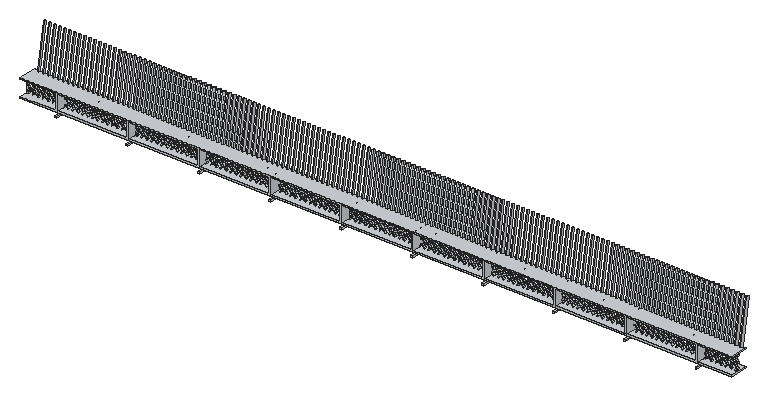
Revit family "Nedsale_venti panlat_Generic Model_2017", category Generic Models, Revit 2017 (continued)
Automatic sketch dimensions
  Extrusion 31 sketch curve to Extrusion 31 sketch curve = 2.91 mm  (x2)
  Extrusion 31 sketch curve to Extrusion 31 sketch curve = 3.464 mm  (x10)
  Extrusion 31 sketch curve to Extrusion 31 sketch curve = 0.554 mm  (x7)
  Extrusion 31 sketch curve to Extrusion 31 sketch curve = 1.108 mm  (x3)
  Extrusion 32 sketch curve to Extrusion 32 sketch curve = 0 mm  (x11)
  Extrusion 32 sketch curve to Extrusion 32 sketch curve = 4 mm  (x7)
  Extrusion 32 sketch curve to Extrusion 32 sketch curve = 0.959 mm  (x7)
  Extrusion 32 sketch curve to Extrusion 32 sketch curve = 1.279 mm  (x2)
  Extrusion 32 sketch curve to Extrusion 32 sketch curve = 0.721 mm  (x2)
  Extrusion 32 sketch curve to Extrusion 32 sketch curve = 2 mm  (x7)
  Extrusion 32 sketch curve to Extrusion 32 sketch curve = 1.68 mm  (x2)
  Extrusion 32 sketch curve to Extrusion 32 sketch curve = 2.91 mm  (x2)
  Extrusion 32 sketch curve to Extrusion 32 sketch curve = 3.464 mm  (x10)
  Extrusion 32 sketch curve to Extrusion 32 sketch curve = 0.554 mm  (x7)
  Extrusion 32 sketch curve to Extrusion 32 sketch curve = 1.108 mm  (x3)
  Extrusion 33 sketch curve to Extrusion 33 sketch curve = 0 mm  (x11)
  Extrusion 33 sketch curve to Extrusion 33 sketch curve = 4 mm  (x7)
  Extrusion 33 sketch curve to Extrusion 33 sketch curve = 0.959 mm  (x7)
  Extrusion 33 sketch curve to Extrusion 33 sketch curve = 1.279 mm  (x2)
  Extrusion 33 sketch curve to Extrusion 33 sketch curve = 0.721 mm  (x2)
  Extrusion 33 sketch curve to Extrusion 33 sketch curve = 2 mm  (x7)
  Extrusion 33 sketch curve to Extrusion 33 sketch curve = 1.68 mm  (x2)
  Extrusion 33 sketch curve to Extrusion 33 sketch curve = 2.91 mm  (x2)
  Extrusion 33 sketch curve to Extrusion 33 sketch curve = 3.464 mm  (x10)
  Extrusion 33 sketch curve to Extrusion 33 sketch curve = 0.554 mm  (x7)
  Extrusion 33 sketch curve to Extrusion 33 sketch curve = 1.108 mm  (x3)
  Extrusion 34 sketch curve to Extrusion 34 sketch curve = 0 mm  (x11)
  Extrusion 34 sketch curve to Extrusion 34 sketch curve = 4 mm  (x7)
  Extrusion 34 sketch curve to Extrusion 34 sketch curve = 0.959 mm  (x7)
  Extrusion 34 sketch curve to Extrusion 34 sketch curve = 1.279 mm  (x2)
  Extrusion 34 sketch curve to Extrusion 34 sketch curve = 0.721 mm  (x2)
  Extrusion 34 sketch curve to Extrusion 34 sketch curve = 2 mm  (x7)
  Extrusion 34 sketch curve to Extrusion 34 sketch curve = 1.68 mm  (x2)
  Extrusion 34 sketch curve to Extrusion 34 sketch curve = 2.91 mm  (x2)
  Extrusion 34 sketch curve to Extrusion 34 sketch curve = 3.464 mm  (x10)
  Extrusion 34 sketch curve to Extrusion 34 sketch curve = 0.554 mm  (x7)
  Extrusion 34 sketch curve to Extrusion 34 sketch curve = 1.108 mm  (x3)
  Extrusion 35 sketch curve to Extrusion 35 sketch curve = 0 mm  (x11)
  Extrusion 35 sketch curve to Extrusion 35 sketch curve = 4 mm  (x7)
  Extrusion 35 sketch curve to Extrusion 35 sketch curve = 0.959 mm  (x7)
  Extrusion 35 sketch curve to Extrusion 35 sketch curve = 1.279 mm  (x2)
  Extrusion 35 sketch curve to Extrusion 35 sketch curve = 0.721 mm  (x2)
  Extrusion 35 sketch curve to Extrusion 35 sketch curve = 2 mm  (x7)
  Extrusion 35 sketch curve to Extrusion 35 sketch curve = 1.68 mm  (x2)
  Extrusion 35 sketch curve to Extrusion 35 sketch curve = 2.91 mm  (x2)
  Extrusion 35 sketch curve to Extrusion 35 sketch curve = 3.464 mm  (x10)
  Extrusion 35 sketch curve to Extrusion 35 sketch curve = 0.554 mm  (x7)
  Extrusion 35 sketch curve to Extrusion 35 sketch curve = 1.108 mm  (x3)
  Extrusion 36 sketch curve to Extrusion 36 sketch curve = 0 mm  (x11)
  Extrusion 36 sketch curve to Extrusion 36 sketch curve = 4 mm  (x7)
  Extrusion 36 sketch curve to Extrusion 36 sketch curve = 0.959 mm  (x7)
  Extrusion 36 sketch curve to Extrusion 36 sketch curve = 1.279 mm  (x2)
  Extrusion 36 sketch curve to Extrusion 36 sketch curve = 0.721 mm  (x2)
  Extrusion 36 sketch curve to Extrusion 36 sketch curve = 2 mm  (x7)
  Extrusion 36 sketch curve to Extrusion 36 sketch curve = 1.68 mm  (x2)
  Extrusion 36 sketch curve to Extrusion 36 sketch curve = 2.91 mm  (x2)
  Extrusion 36 sketch curve to Extrusion 36 sketch curve = 3.464 mm  (x10)
  Extrusion 36 sketch curve to Extrusion 36 sketch curve = 0.554 mm  (x7)
  Extrusion 36 sketch curve to Extrusion 36 sketch curve = 1.108 mm  (x3)
  Extrusion 37 sketch curve to Extrusion 37 sketch curve = 0 mm  (x11)
  Extrusion 37 sketch curve to Extrusion 37 sketch curve = 4 mm  (x7)
  Extrusion 37 sketch curve to Extrusion 37 sketch curve = 0.959 mm  (x7)
  Extrusion 37 sketch curve to Extrusion 37 sketch curve = 1.279 mm  (x2)
  Extrusion 37 sketch curve to Extrusion 37 sketch curve = 0.721 mm  (x2)
  Extrusion 37 sketch curve to Extrusion 37 sketch curve = 2 mm  (x7)
  Extrusion 37 sketch curve to Extrusion 37 sketch curve = 1.68 mm  (x2)
  Extrusion 37 sketch curve to Extrusion 37 sketch curve = 2.91 mm  (x2)
  Extrusion 37 sketch curve to Extrusion 37 sketch curve = 3.464 mm  (x10)
  Extrusion 37 sketch curve to Extrusion 37 sketch curve = 0.554 mm  (x7)
  Extrusion 37 sketch curve to Extrusion 37 sketch curve = 1.108 mm  (x3)
  Extrusion 38 sketch curve to Extrusion 38 sketch curve = 0 mm  (x11)
  Extrusion 38 sketch curve to Extrusion 38 sketch curve = 4 mm  (x7)
  Extrusion 38 sketch curve to Extrusion 38 sketch curve = 0.959 mm  (x7)
  Extrusion 38 sketch curve to Extrusion 38 sketch curve = 1.279 mm  (x2)
  Extrusion 38 sketch curve to Extrusion 38 sketch curve = 0.721 mm  (x2)
  Extrusion 38 sketch curve to Extrusion 38 sketch curve = 2 mm  (x7)
  Extrusion 38 sketch curve to Extrusion 38 sketch curve = 1.68 mm  (x2)
  Extrusion 38 sketch curve to Extrusion 38 sketch curve = 2.91 mm  (x2)
  Extrusion 38 sketch curve to Extrusion 38 sketch curve = 3.464 mm  (x10)
  Extrusion 38 sketch curve to Extrusion 38 sketch curve = 0.554 mm  (x7)
  Extrusion 38 sketch curve to Extrusion 38 sketch curve = 1.108 mm  (x3)
  Extrusion 39 sketch curve to Extrusion 39 sketch curve = 0 mm  (x11)
  Extrusion 39 sketch curve to Extrusion 39 sketch curve = 4 mm  (x7)
  Extrusion 39 sketch curve to Extrusion 39 sketch curve = 0.959 mm  (x7)
  Extrusion 39 sketch curve to Extrusion 39 sketch curve = 1.279 mm  (x2)
  Extrusion 39 sketch curve to Extrusion 39 sketch curve = 0.721 mm  (x2)
  Extrusion 39 sketch curve to Extrusion 39 sketch curve = 2 mm  (x7)
  Extrusion 39 sketch curve to Extrusion 39 sketch curve = 1.68 mm  (x2)
  Extrusion 39 sketch curve to Extrusion 39 sketch curve = 2.91 mm  (x2)
  Extrusion 39 sketch curve to Extrusion 39 sketch curve = 3.464 mm  (x10)
  Extrusion 39 sketch curve to Extrusion 39 sketch curve = 0.554 mm  (x7)
  Extrusion 39 sketch curve to Extrusion 39 sketch curve = 1.108 mm  (x3)
  Extrusion 40 sketch curve to Extrusion 40 sketch curve = 0 mm  (x11)
  Extrusion 40 sketch curve to Extrusion 40 sketch curve = 4 mm  (x7)
  Extrusion 40 sketch curve to Extrusion 40 sketch curve = 0.959 mm  (x7)
  Extrusion 40 sketch curve to Extrusion 40 sketch curve = 1.279 mm  (x2)
  Extrusion 40 sketch curve to Extrusion 40 sketch curve = 0.721 mm  (x2)
  Extrusion 40 sketch curve to Extrusion 40 sketch curve = 2 mm  (x7)
  Extrusion 40 sketch curve to Extrusion 40 sketch curve = 1.68 mm  (x2)
  Extrusion 40 sketch curve to Extrusion 40 sketch curve = 2.91 mm  (x2)
  Extrusion 40 sketch curve to Extrusion 40 sketch curve = 3.464 mm  (x10)
  Extrusion 40 sketch curve to Extrusion 40 sketch curve = 0.554 mm  (x7)
  Extrusion 40 sketch curve to Extrusion 40 sketch curve = 1.108 mm  (x3)
  Extrusion 41 sketch curve to Extrusion 41 sketch curve = 0 mm  (x11)
  Extrusion 41 sketch curve to Extrusion 41 sketch curve = 4 mm  (x7)
  Extrusion 41 sketch curve to Extrusion 41 sketch curve = 0.959 mm  (x7)
  Extrusion 41 sketch curve to Extrusion 41 sketch curve = 1.279 mm  (x2)
  Extrusion 41 sketch curve to Extrusion 41 sketch curve = 0.721 mm  (x2)
  Extrusion 41 sketch curve to Extrusion 41 sketch curve = 2 mm  (x7)
  Extrusion 41 sketch curve to Extrusion 41 sketch curve = 1.68 mm  (x2)
  Extrusion 41 sketch curve to Extrusion 41 sketch curve = 2.91 mm  (x2)
  Extrusion 41 sketch curve to Extrusion 41 sketch curve = 3.464 mm  (x10)
  Extrusion 41 sketch curve to Extrusion 41 sketch curve = 0.554 mm  (x7)
  Extrusion 41 sketch curve to Extrusion 41 sketch curve = 1.108 mm  (x3)
  Extrusion 42 sketch curve to Extrusion 42 sketch curve = 0 mm  (x11)
  Extrusion 42 sketch curve to Extrusion 42 sketch curve = 4 mm  (x7)
  Extrusion 42 sketch curve to Extrusion 42 sketch curve = 0.959 mm  (x7)
  Extrusion 42 sketch curve to Extrusion 42 sketch curve = 1.279 mm  (x2)
  Extrusion 42 sketch curve to Extrusion 42 sketch curve = 0.721 mm  (x2)
  Extrusion 42 sketch curve to Extrusion 42 sketch curve = 2 mm  (x7)
  Extrusion 42 sketch curve to Extrusion 42 sketch curve = 1.68 mm  (x2)
  Extrusion 42 sketch curve to Extrusion 42 sketch curve = 2.91 mm  (x2)
  Extrusion 42 sketch curve to Extrusion 42 sketch curve = 3.464 mm  (x10)
  Extrusion 42 sketch curve to Extrusion 42 sketch curve = 0.554 mm  (x7)
  Extrusion 42 sketch curve to Extrusion 42 sketch curve = 1.108 mm  (x3)
  Extrusion 43 sketch curve to Extrusion 43 sketch curve = 0 mm  (x11)
  Extrusion 43 sketch curve to Extrusion 43 sketch curve = 4 mm  (x7)
  Extrusion 43 sketch curve to Extrusion 43 sketch curve = 0.959 mm  (x7)
  Extrusion 43 sketch curve to Extrusion 43 sketch curve = 1.279 mm  (x2)
  Extrusion 43 sketch curve to Extrusion 43 sketch curve = 0.721 mm  (x2)
  Extrusion 43 sketch curve to Extrusion 43 sketch curve = 2 mm  (x7)
  Extrusion 43 sketch curve to Extrusion 43 sketch curve = 1.68 mm  (x2)
  Extrusion 43 sketch curve to Extrusion 43 sketch curve = 2.91 mm  (x2)
  Extrusion 43 sketch curve to Extrusion 43 sketch curve = 3.464 mm  (x10)
  Extrusion 43 sketch curve to Extrusion 43 sketch curve = 0.554 mm  (x7)
  Extrusion 43 sketch curve to Extrusion 43 sketch curve = 1.108 mm  (x3)
  Extrusion 44 sketch curve to Extrusion 44 sketch curve = 0 mm  (x11)
  Extrusion 44 sketch curve to Extrusion 44 sketch curve = 4 mm  (x7)
  Extrusion 44 sketch curve to Extrusion 44 sketch curve = 0.959 mm  (x7)
  Extrusion 44 sketch curve to Extrusion 44 sketch curve = 1.279 mm  (x2)
  Extrusion 44 sketch curve to Extrusion 44 sketch curve = 0.721 mm  (x2)
  Extrusion 44 sketch curve to Extrusion 44 sketch curve = 2 mm  (x7)
  Extrusion 44 sketch curve to Extrusion 44 sketch curve = 1.68 mm  (x2)
  Extrusion 44 sketch curve to Extrusion 44 sketch curve = 2.91 mm  (x2)
  Extrusion 44 sketch curve to Extrusion 44 sketch curve = 3.464 mm  (x10)
  Extrusion 44 sketch curve to Extrusion 44 sketch curve = 0.554 mm  (x7)
  Extrusion 44 sketch curve to Extrusion 44 sketch curve = 1.108 mm  (x3)
  Extrusion 45 sketch curve to Extrusion 45 sketch curve = 0 mm  (x11)
  Extrusion 45 sketch curve to Extrusion 45 sketch curve = 4 mm  (x7)
  Extrusion 45 sketch curve to Extrusion 45 sketch curve = 0.959 mm  (x7)
  Extrusion 45 sketch curve to Extrusion 45 sketch curve = 1.279 mm  (x2)
  Extrusion 45 sketch curve to Extrusion 45 sketch curve = 0.721 mm  (x2)
  Extrusion 45 sketch curve to Extrusion 45 sketch curve = 2 mm  (x7)
  Extrusion 45 sketch curve to Extrusion 45 sketch curve = 1.68 mm  (x2)
  Extrusion 45 sketch curve to Extrusion 45 sketch curve = 2.91 mm  (x2)
  Extrusion 45 sketch curve to Extrusion 45 sketch curve = 3.464 mm  (x10)
  Extrusion 45 sketch curve to Extrusion 45 sketch curve = 0.554 mm  (x7)
  Extrusion 45 sketch curve to Extrusion 45 sketch curve = 1.108 mm  (x3)
  Extrusion 46 sketch curve to Extrusion 46 sketch curve = 0 mm  (x11)
  Extrusion 46 sketch curve to Extrusion 46 sketch curve = 4 mm  (x7)
  Extrusion 46 sketch curve to Extrusion 46 sketch curve = 0.959 mm  (x7)
  Extrusion 46 sketch curve to Extrusion 46 sketch curve = 1.279 mm  (x2)
  Extrusion 46 sketch curve to Extrusion 46 sketch curve = 0.721 mm  (x2)
  Extrusion 46 sketch curve to Extrusion 46 sketch curve = 2 mm  (x7)
  Extrusion 46 sketch curve to Extrusion 46 sketch curve = 1.68 mm  (x2)
  Extrusion 46 sketch curve to Extrusion 46 sketch curve = 2.91 mm  (x2)
  Extrusion 46 sketch curve to Extrusion 46 sketch curve = 3.464 mm  (x10)
  Extrusion 46 sketch curve to Extrusion 46 sketch curve = 0.554 mm  (x7)
  Extrusion 46 sketch curve to Extrusion 46 sketch curve = 1.108 mm  (x3)
  Extrusion 47 sketch curve to Extrusion 47 sketch curve = 0 mm  (x11)
  Extrusion 47 sketch curve to Extrusion 47 sketch curve = 4 mm  (x7)
  Extrusion 47 sketch curve to Extrusion 47 sketch curve = 0.959 mm  (x7)
  Extrusion 47 sketch curve to Extrusion 47 sketch curve = 1.279 mm  (x2)
  Extrusion 47 sketch curve to Extrusion 47 sketch curve = 0.721 mm  (x2)
  Extrusion 47 sketch curve to Extrusion 47 sketch curve = 2 mm  (x7)
  Extrusion 47 sketch curve to Extrusion 47 sketch curve = 1.68 mm  (x2)
  Extrusion 47 sketch curve to Extrusion 47 sketch curve = 2.91 mm  (x2)
  Extrusion 47 sketch curve to Extrusion 47 sketch curve = 3.464 mm  (x10)
  Extrusion 47 sketch curve to Extrusion 47 sketch curve = 0.554 mm  (x7)
  Extrusion 47 sketch curve to Extrusion 47 sketch curve = 1.108 mm  (x3)
  Extrusion 48 sketch curve to Extrusion 48 sketch curve = 0 mm  (x11)
  Extrusion 48 sketch curve to Extrusion 48 sketch curve = 4 mm  (x7)
  Extrusion 48 sketch curve to Extrusion 48 sketch curve = 0.959 mm  (x7)
  Extrusion 48 sketch curve to Extrusion 48 sketch curve = 1.279 mm  (x2)
  Extrusion 48 sketch curve to Extrusion 48 sketch curve = 0.721 mm  (x2)
  Extrusion 48 sketch curve to Extrusion 48 sketch curve = 2 mm  (x7)
  Extrusion 48 sketch curve to Extrusion 48 sketch curve = 1.68 mm  (x2)
  Extrusion 48 sketch curve to Extrusion 48 sketch curve = 2.91 mm  (x2)
  Extrusion 48 sketch curve to Extrusion 48 sketch curve = 3.464 mm  (x10)
  Extrusion 48 sketch curve to Extrusion 48 sketch curve = 0.554 mm  (x7)
  Extrusion 48 sketch curve to Extrusion 48 sketch curve = 1.108 mm  (x3)
  Extrusion 49 sketch curve to Extrusion 49 sketch curve = 0 mm  (x11)
  Extrusion 49 sketch curve to Extrusion 49 sketch curve = 4 mm  (x7)
  Extrusion 49 sketch curve to Extrusion 49 sketch curve = 0.959 mm  (x7)
  Extrusion 49 sketch curve to Extrusion 49 sketch curve = 1.279 mm  (x2)
  Extrusion 49 sketch curve to Extrusion 49 sketch curve = 0.721 mm  (x2)
  Extrusion 49 sketch curve to Extrusion 49 sketch curve = 2 mm  (x7)
  Extrusion 49 sketch curve to Extrusion 49 sketch curve = 1.68 mm  (x2)
  Extrusion 49 sketch curve to Extrusion 49 sketch curve = 2.91 mm  (x2)
  Extrusion 49 sketch curve to Extrusion 49 sketch curve = 3.464 mm  (x10)
  Extrusion 49 sketch curve to Extrusion 49 sketch curve = 0.554 mm  (x7)
  Extrusion 49 sketch curve to Extrusion 49 sketch curve = 1.108 mm  (x3)
  Extrusion 50 sketch curve to Extrusion 50 sketch curve = 0 mm  (x11)
  Extrusion 50 sketch curve to Extrusion 50 sketch curve = 4 mm  (x7)
  Extrusion 50 sketch curve to Extrusion 50 sketch curve = 0.959 mm  (x7)
  Extrusion 50 sketch curve to Extrusion 50 sketch curve = 1.279 mm  (x2)
  Extrusion 50 sketch curve to Extrusion 50 sketch curve = 0.721 mm  (x2)
  Extrusion 50 sketch curve to Extrusion 50 sketch curve = 2 mm  (x7)
  Extrusion 50 sketch curve to Extrusion 50 sketch curve = 1.68 mm  (x2)
  Extrusion 50 sketch curve to Extrusion 50 sketch curve = 2.91 mm  (x2)
  Extrusion 50 sketch curve to Extrusion 50 sketch curve = 3.464 mm  (x10)
  Extrusion 50 sketch curve to Extrusion 50 sketch curve = 0.554 mm  (x7)
  Extrusion 50 sketch curve to Extrusion 50 sketch curve = 1.108 mm  (x3)
  Extrusion 51 sketch curve to Extrusion 51 sketch curve = 0 mm  (x11)
  Extrusion 51 sketch curve to Extrusion 51 sketch curve = 4 mm  (x7)
  Extrusion 51 sketch curve to Extrusion 51 sketch curve = 0.959 mm  (x7)
  Extrusion 51 sketch curve to Extrusion 51 sketch curve = 1.279 mm  (x2)
  Extrusion 51 sketch curve to Extrusion 51 sketch curve = 0.721 mm  (x2)
  Extrusion 51 sketch curve to Extrusion 51 sketch curve = 2 mm  (x7)
  Extrusion 51 sketch curve to Extrusion 51 sketch curve = 1.68 mm  (x2)
  Extrusion 51 sketch curve to Extrusion 51 sketch curve = 2.91 mm  (x2)
  Extrusion 51 sketch curve to Extrusion 51 sketch curve = 3.464 mm  (x10)
  Extrusion 51 sketch curve to Extrusion 51 sketch curve = 0.554 mm  (x7)
  Extrusion 51 sketch curve to Extrusion 51 sketch curve = 1.108 mm  (x3)
  Extrusion 52 sketch curve to Extrusion 52 sketch curve = 0 mm  (x11)
  Extrusion 52 sketch curve to Extrusion 52 sketch curve = 4 mm  (x7)
  Extrusion 52 sketch curve to Extrusion 52 sketch curve = 0.959 mm  (x7)
  Extrusion 52 sketch curve to Extrusion 52 sketch curve = 1.279 mm  (x2)
  Extrusion 52 sketch curve to Extrusion 52 sketch curve = 0.721 mm  (x2)
  Extrusion 52 sketch curve to Extrusion 52 sketch curve = 2 mm  (x7)
  Extrusion 52 sketch curve to Extrusion 52 sketch curve = 1.68 mm  (x2)
  Extrusion 52 sketch curve to Extrusion 52 sketch curve = 2.91 mm  (x2)
  Extrusion 52 sketch curve to Extrusion 52 sketch curve = 3.464 mm  (x10)
  Extrusion 52 sketch curve to Extrusion 52 sketch curve = 0.554 mm  (x7)
  Extrusion 52 sketch curve to Extrusion 52 sketch curve = 1.108 mm  (x3)
  Extrusion 53 sketch curve to Extrusion 53 sketch curve = 0 mm  (x11)
  Extrusion 53 sketch curve to Extrusion 53 sketch curve = 4 mm  (x7)
  Extrusion 53 sketch curve to Extrusion 53 sketch curve = 0.959 mm  (x7)
  Extrusion 53 sketch curve to Extrusion 53 sketch curve = 1.279 mm  (x2)
  Extrusion 53 sketch curve to Extrusion 53 sketch curve = 0.721 mm  (x2)
  Extrusion 53 sketch curve to Extrusion 53 sketch curve = 2 mm  (x7)
  Extrusion 53 sketch curve to Extrusion 53 sketch curve = 1.68 mm  (x2)
  Extrusion 53 sketch curve to Extrusion 53 sketch curve = 2.91 mm  (x2)
  Extrusion 53 sketch curve to Extrusion 53 sketch curve = 3.464 mm  (x10)
  Extrusion 53 sketch curve to Extrusion 53 sketch curve = 0.554 mm  (x7)
  Extrusion 53 sketch curve to Extrusion 53 sketch curve = 1.108 mm  (x3)
  Extrusion 54 sketch curve to Extrusion 54 sketch curve = 0 mm  (x11)
  Extrusion 54 sketch curve to Extrusion 54 sketch curve = 4 mm  (x7)
  Extrusion 54 sketch curve to Extrusion 54 sketch curve = 0.959 mm  (x7)
  Extrusion 54 sketch curve to Extrusion 54 sketch curve = 1.279 mm  (x2)
  Extrusion 54 sketch curve to Extrusion 54 sketch curve = 0.721 mm  (x2)
  Extrusion 54 sketch curve to Extrusion 54 sketch curve = 2 mm  (x7)
  Extrusion 54 sketch curve to Extrusion 54 sketch curve = 1.68 mm  (x2)
  Extrusion 54 sketch curve to Extrusion 54 sketch curve = 2.91 mm  (x2)
  Extrusion 54 sketch curve to Extrusion 54 sketch curve = 3.464 mm  (x10)
  Extrusion 54 sketch curve to Extrusion 54 sketch curve = 0.554 mm  (x7)
  Extrusion 54 sketch curve to Extrusion 54 sketch curve = 1.108 mm  (x3)
  Extrusion 55 sketch curve to Extrusion 55 sketch curve = 0 mm  (x11)
  Extrusion 55 sketch curve to Extrusion 55 sketch curve = 4 mm  (x7)
  Extrusion 55 sketch curve to Extrusion 55 sketch curve = 0.959 mm  (x7)
  Extrusion 55 sketch curve to Extrusion 55 sketch curve = 1.279 mm  (x2)
  Extrusion 55 sketch curve to Extrusion 55 sketch curve = 0.721 mm  (x2)
  Extrusion 55 sketch curve to Extrusion 55 sketch curve = 2 mm  (x7)
  Extrusion 55 sketch curve to Extrusion 55 sketch curve = 1.68 mm  (x2)
  Extrusion 55 sketch curve to Extrusion 55 sketch curve = 2.91 mm  (x2)
  Extrusion 55 sketch curve to Extrusion 55 sketch curve = 3.464 mm  (x10)
  Extrusion 55 sketch curve to Extrusion 55 sketch curve = 0.554 mm  (x7)
  Extrusion 55 sketch curve to Extrusion 55 sketch curve = 1.108 mm  (x3)
  Extrusion 56 sketch curve to Extrusion 56 sketch curve = 0 mm  (x11)
  Extrusion 56 sketch curve to Extrusion 56 sketch curve = 4 mm  (x7)
  Extrusion 56 sketch curve to Extrusion 56 sketch curve = 0.959 mm  (x7)
  Extrusion 56 sketch curve to Extrusion 56 sketch curve = 1.279 mm  (x2)
  Extrusion 56 sketch curve to Extrusion 56 sketch curve = 0.721 mm  (x2)
  Extrusion 56 sketch curve to Extrusion 56 sketch curve = 2 mm  (x7)
  Extrusion 56 sketch curve to Extrusion 56 sketch curve = 1.68 mm  (x2)
  Extrusion 56 sketch curve to Extrusion 56 sketch curve = 2.91 mm  (x2)
  Extrusion 56 sketch curve to Extrusion 56 sketch curve = 3.464 mm  (x10)
  Extrusion 56 sketch curve to Extrusion 56 sketch curve = 0.554 mm  (x7)
  Extrusion 56 sketch curve to Extrusion 56 sketch curve = 1.108 mm  (x3)
  Extrusion 57 sketch curve to Extrusion 57 sketch curve = 0 mm  (x11)
  Extrusion 57 sketch curve to Extrusion 57 sketch curve = 4 mm  (x7)
  Extrusion 57 sketch curve to Extrusion 57 sketch curve = 0.959 mm  (x7)
  Extrusion 57 sketch curve to Extrusion 57 sketch curve = 1.279 mm  (x2)
  Extrusion 57 sketch curve to Extrusion 57 sketch curve = 0.721 mm  (x2)
  Extrusion 57 sketch curve to Extrusion 57 sketch curve = 2 mm  (x7)
  Extrusion 57 sketch curve to Extrusion 57 sketch curve = 1.68 mm  (x2)
  Extrusion 57 sketch curve to Extrusion 57 sketch curve = 2.91 mm  (x2)
  Extrusion 57 sketch curve to Extrusion 57 sketch curve = 3.464 mm  (x10)
  Extrusion 57 sketch curve to Extrusion 57 sketch curve = 0.554 mm  (x7)
  Extrusion 57 sketch curve to Extrusion 57 sketch curve = 1.108 mm  (x3)
  Extrusion 58 sketch curve to Extrusion 58 sketch curve = 0 mm  (x11)
  Extrusion 58 sketch curve to Extrusion 58 sketch curve = 4 mm  (x7)
  Extrusion 58 sketch curve to Extrusion 58 sketch curve = 0.959 mm  (x7)
  Extrusion 58 sketch curve to Extrusion 58 sketch curve = 1.279 mm  (x2)
  Extrusion 58 sketch curve to Extrusion 58 sketch curve = 0.721 mm  (x2)
  Extrusion 58 sketch curve to Extrusion 58 sketch curve = 2 mm  (x7)
  Extrusion 58 sketch curve to Extrusion 58 sketch curve = 1.68 mm  (x2)
  Extrusion 58 sketch curve to Extrusion 58 sketch curve = 2.91 mm  (x2)
  Extrusion 58 sketch curve to Extrusion 58 sketch curve = 3.464 mm  (x10)
  Extrusion 58 sketch curve to Extrusion 58 sketch curve = 0.554 mm  (x7)
  Extrusion 58 sketch curve to Extrusion 58 sketch curve = 1.108 mm  (x3)
  Extrusion 59 sketch curve to Extrusion 59 sketch curve = 0 mm  (x11)
  Extrusion 59 sketch curve to Extrusion 59 sketch curve = 4 mm  (x7)
  Extrusion 59 sketch curve to Extrusion 59 sketch curve = 0.959 mm  (x7)
  Extrusion 59 sketch curve to Extrusion 59 sketch curve = 1.279 mm  (x2)
  Extrusion 59 sketch curve to Extrusion 59 sketch curve = 0.721 mm  (x2)
  Extrusion 59 sketch curve to Extrusion 59 sketch curve = 2 mm  (x7)
  Extrusion 59 sketch curve to Extrusion 59 sketch curve = 1.68 mm  (x2)
  Extrusion 59 sketch curve to Extrusion 59 sketch curve = 2.91 mm  (x2)
  Extrusion 59 sketch curve to Extrusion 59 sketch curve = 3.464 mm  (x10)
  Extrusion 59 sketch curve to Extrusion 59 sketch curve = 0.554 mm  (x7)
  Extrusion 59 sketch curve to Extrusion 59 sketch curve = 1.108 mm  (x3)
  Extrusion 60 sketch curve to Extrusion 60 sketch curve = 0 mm  (x11)
  Extrusion 60 sketch curve to Extrusion 60 sketch curve = 4 mm  (x7)
  Extrusion 60 sketch curve to Extrusion 60 sketch curve = 0.959 mm  (x7)
  Extrusion 60 sketch curve to Extrusion 60 sketch curve = 1.279 mm  (x2)
  Extrusion 60 sketch curve to Extrusion 60 sketch curve = 0.721 mm  (x2)
  Extrusion 60 sketch curve to Extrusion 60 sketch curve = 2 mm  (x7)
  Extrusion 60 sketch curve to Extrusion 60 sketch curve = 1.68 mm  (x2)
  Extrusion 60 sketch curve to Extrusion 60 sketch curve = 2.91 mm  (x2)
  Extrusion 60 sketch curve to Extrusion 60 sketch curve = 3.464 mm  (x10)
  Extrusion 60 sketch curve to Extrusion 60 sketch curve = 0.554 mm  (x7)
  Extrusion 60 sketch curve to Extrusion 60 sketch curve = 1.108 mm  (x3)
  Extrusion 61 sketch curve to Extrusion 61 sketch curve = 0 mm  (x11)
  Extrusion 61 sketch curve to Extrusion 61 sketch curve = 4 mm  (x7)
  Extrusion 61 sketch curve to Extrusion 61 sketch curve = 0.959 mm  (x7)
  Extrusion 61 sketch curve to Extrusion 61 sketch curve = 1.279 mm  (x2)
  Extrusion 61 sketch curve to Extrusion 61 sketch curve = 0.721 mm  (x2)
  Extrusion 61 sketch curve to Extrusion 61 sketch curve = 2 mm  (x7)
  Extrusion 61 sketch curve to Extrusion 61 sketch curve = 1.68 mm  (x2)
  Extrusion 61 sketch curve to Extrusion 61 sketch curve = 2.91 mm  (x2)
  Extrusion 61 sketch curve to Extrusion 61 sketch curve = 3.464 mm  (x10)
  Extrusion 61 sketch curve to Extrusion 61 sketch curve = 0.554 mm  (x7)
  Extrusion 61 sketch curve to Extrusion 61 sketch curve = 1.108 mm  (x3)
  Extrusion 62 sketch curve to Extrusion 62 sketch curve = 0 mm  (x11)
  Extrusion 62 sketch curve to Extrusion 62 sketch curve = 4 mm  (x7)
  Extrusion 62 sketch curve to Extrusion 62 sketch curve = 0.959 mm  (x7)
  Extrusion 62 sketch curve to Extrusion 62 sketch curve = 1.279 mm  (x2)
  Extrusion 62 sketch curve to Extrusion 62 sketch curve = 0.721 mm  (x2)
  Extrusion 62 sketch curve to Extrusion 62 sketch curve = 2 mm  (x7)
  Extrusion 62 sketch curve to Extrusion 62 sketch curve = 1.68 mm  (x2)
  Extrusion 62 sketch curve to Extrusion 62 sketch curve = 2.91 mm  (x2)
  Extrusion 62 sketch curve to Extrusion 62 sketch curve = 3.464 mm  (x10)
  Extrusion 62 sketch curve to Extrusion 62 sketch curve = 0.554 mm  (x7)
  Extrusion 62 sketch curve to Extrusion 62 sketch curve = 1.108 mm  (x3)
  Extrusion 63 sketch curve to Extrusion 63 sketch curve = 0 mm  (x11)
  Extrusion 63 sketch curve to Extrusion 63 sketch curve = 4 mm  (x7)
  Extrusion 63 sketch curve to Extrusion 63 sketch curve = 0.959 mm  (x7)
  Extrusion 63 sketch curve to Extrusion 63 sketch curve = 1.279 mm  (x2)
  Extrusion 63 sketch curve to Extrusion 63 sketch curve = 0.721 mm  (x2)
  Extrusion 63 sketch curve to Extrusion 63 sketch curve = 2 mm  (x7)
  Extrusion 63 sketch curve to Extrusion 63 sketch curve = 1.68 mm  (x2)
  Extrusion 63 sketch curve to Extrusion 63 sketch curve = 2.91 mm  (x2)
  Extrusion 63 sketch curve to Extrusion 63 sketch curve = 3.464 mm  (x10)
  Extrusion 63 sketch curve to Extrusion 63 sketch curve = 0.554 mm  (x7)
  Extrusion 63 sketch curve to Extrusion 63 sketch curve = 1.108 mm  (x3)
  Extrusion 64 sketch curve to Extrusion 64 sketch curve = 0 mm  (x11)
  Extrusion 64 sketch curve to Extrusion 64 sketch curve = 4 mm  (x7)
  Extrusion 64 sketch curve to Extrusion 64 sketch curve = 0.959 mm  (x7)
  Extrusion 64 sketch curve to Extrusion 64 sketch curve = 1.279 mm  (x2)
  Extrusion 64 sketch curve to Extrusion 64 sketch curve = 0.721 mm  (x2)
  Extrusion 64 sketch curve to Extrusion 64 sketch curve = 2 mm  (x7)
  Extrusion 64 sketch curve to Extrusion 64 sketch curve = 1.68 mm  (x2)
  Extrusion 64 sketch curve to Extrusion 64 sketch curve = 2.91 mm  (x2)
  Extrusion 64 sketch curve to Extrusion 64 sketch curve = 3.464 mm  (x10)
  Extrusion 64 sketch curve to Extrusion 64 sketch curve = 0.554 mm  (x7)
  Extrusion 64 sketch curve to Extrusion 64 sketch curve = 1.108 mm  (x3)
  Extrusion 65 sketch curve to Extrusion 65 sketch curve = 0 mm  (x11)
  Extrusion 65 sketch curve to Extrusion 65 sketch curve = 4 mm  (x7)
  Extrusion 65 sketch curve to Extrusion 65 sketch curve = 0.959 mm  (x7)
  Extrusion 65 sketch curve to Extrusion 65 sketch curve = 1.279 mm  (x2)
  Extrusion 65 sketch curve to Extrusion 65 sketch curve = 0.721 mm  (x2)
  Extrusion 65 sketch curve to Extrusion 65 sketch curve = 2 mm  (x7)
  Extrusion 65 sketch curve to Extrusion 65 sketch curve = 1.68 mm  (x2)
  Extrusion 65 sketch curve to Extrusion 65 sketch curve = 2.91 mm  (x2)
  Extrusion 65 sketch curve to Extrusion 65 sketch curve = 3.464 mm  (x10)
  Extrusion 65 sketch curve to Extrusion 65 sketch curve = 0.554 mm  (x7)
  Extrusion 65 sketch curve to Extrusion 65 sketch curve = 1.108 mm  (x3)
  Extrusion 66 sketch curve to Extrusion 66 sketch curve = 0 mm  (x11)
  Extrusion 66 sketch curve to Extrusion 66 sketch curve = 4 mm  (x7)
  Extrusion 66 sketch curve to Extrusion 66 sketch curve = 0.959 mm  (x7)
  Extrusion 66 sketch curve to Extrusion 66 sketch curve = 1.279 mm  (x2)
  Extrusion 66 sketch curve to Extrusion 66 sketch curve = 0.721 mm  (x2)
  Extrusion 66 sketch curve to Extrusion 66 sketch curve = 2 mm  (x7)
  Extrusion 66 sketch curve to Extrusion 66 sketch curve = 1.68 mm  (x2)
  Extrusion 66 sketch curve to Extrusion 66 sketch curve = 2.91 mm  (x2)
  Extrusion 66 sketch curve to Extrusion 66 sketch curve = 3.464 mm  (x10)
  Extrusion 66 sketch curve to Extrusion 66 sketch curve = 0.554 mm  (x7)
  Extrusion 66 sketch curve to Extrusion 66 sketch curve = 1.108 mm  (x3)
  Extrusion 67 sketch curve to Extrusion 67 sketch curve = 0 mm  (x11)
  Extrusion 67 sketch curve to Extrusion 67 sketch curve = 4 mm  (x7)
  Extrusion 67 sketch curve to Extrusion 67 sketch curve = 0.959 mm  (x7)
  Extrusion 67 sketch curve to Extrusion 67 sketch curve = 1.279 mm  (x2)
  Extrusion 67 sketch curve to Extrusion 67 sketch curve = 0.721 mm  (x2)
  Extrusion 67 sketch curve to Extrusion 67 sketch curve = 2 mm  (x7)
  Extrusion 67 sketch curve to Extrusion 67 sketch curve = 1.68 mm  (x2)
  Extrusion 67 sketch curve to Extrusion 67 sketch curve = 2.91 mm  (x2)
  Extrusion 67 sketch curve to Extrusion 67 sketch curve = 3.464 mm  (x10)
  Extrusion 67 sketch curve to Extrusion 67 sketch curve = 0.554 mm  (x7)
  Extrusion 67 sketch curve to Extrusion 67 sketch curve = 1.108 mm  (x3)
  Extrusion 68 sketch curve to Extrusion 68 sketch curve = 0 mm  (x11)
  Extrusion 68 sketch curve to Extrusion 68 sketch curve = 4 mm  (x7)
  Extrusion 68 sketch curve to Extrusion 68 sketch curve = 0.959 mm  (x7)
  Extrusion 68 sketch curve to Extrusion 68 sketch curve = 1.279 mm  (x2)
  Extrusion 68 sketch curve to Extrusion 68 sketch curve = 0.721 mm  (x2)
  Extrusion 68 sketch curve to Extrusion 68 sketch curve = 2 mm  (x7)
  Extrusion 68 sketch curve to Extrusion 68 sketch curve = 1.68 mm  (x2)
  Extrusion 68 sketch curve to Extrusion 68 sketch curve = 2.91 mm  (x2)
  Extrusion 68 sketch curve to Extrusion 68 sketch curve = 3.464 mm  (x10)
  Extrusion 68 sketch curve to Extrusion 68 sketch curve = 0.554 mm  (x7)
  Extrusion 68 sketch curve to Extrusion 68 sketch curve = 1.108 mm  (x3)
  Extrusion 69 sketch curve to Extrusion 69 sketch curve = 0 mm  (x11)
  Extrusion 69 sketch curve to Extrusion 69 sketch curve = 4 mm  (x7)
  Extrusion 69 sketch curve to Extrusion 69 sketch curve = 0.959 mm  (x7)
  Extrusion 69 sketch curve to Extrusion 69 sketch curve = 1.279 mm  (x2)
  Extrusion 69 sketch curve to Extrusion 69 sketch curve = 0.721 mm  (x2)
  Extrusion 69 sketch curve to Extrusion 69 sketch curve = 2 mm  (x7)
  Extrusion 69 sketch curve to Extrusion 69 sketch curve = 1.68 mm  (x2)
  Extrusion 69 sketch curve to Extrusion 69 sketch curve = 2.91 mm  (x2)
  Extrusion 69 sketch curve to Extrusion 69 sketch curve = 3.464 mm  (x10)
  Extrusion 69 sketch curve to Extrusion 69 sketch curve = 0.554 mm  (x7)
  Extrusion 69 sketch curve to Extrusion 69 sketch curve = 1.108 mm  (x3)
  Extrusion 70 sketch curve to Extrusion 70 sketch curve = 0 mm  (x11)
  Extrusion 70 sketch curve to Extrusion 70 sketch curve = 4 mm  (x7)
  Extrusion 70 sketch curve to Extrusion 70 sketch curve = 0.959 mm  (x7)
  Extrusion 70 sketch curve to Extrusion 70 sketch curve = 1.279 mm  (x2)
  Extrusion 70 sketch curve to Extrusion 70 sketch curve = 0.721 mm  (x2)
  Extrusion 70 sketch curve to Extrusion 70 sketch curve = 2 mm  (x7)
  Extrusion 70 sketch curve to Extrusion 70 sketch curve = 1.68 mm  (x2)
  Extrusion 70 sketch curve to Extrusion 70 sketch curve = 2.91 mm  (x2)
  Extrusion 70 sketch curve to Extrusion 70 sketch curve = 3.464 mm  (x10)
  Extrusion 70 sketch curve to Extrusion 70 sketch curve = 0.554 mm  (x7)
  Extrusion 70 sketch curve to Extrusion 70 sketch curve = 1.108 mm  (x3)
  Extrusion 71 sketch curve to Extrusion 71 sketch curve = 0 mm  (x11)
  Extrusion 71 sketch curve to Extrusion 71 sketch curve = 4 mm  (x7)
  Extrusion 71 sketch curve to Extrusion 71 sketch curve = 0.959 mm  (x7)
  Extrusion 71 sketch curve to Extrusion 71 sketch curve = 1.279 mm  (x2)
  Extrusion 71 sketch curve to Extrusion 71 sketch curve = 0.721 mm  (x2)
  Extrusion 71 sketch curve to Extrusion 71 sketch curve = 2 mm  (x7)
  Extrusion 71 sketch curve to Extrusion 71 sketch curve = 1.68 mm  (x2)
  Extrusion 71 sketch curve to Extrusion 71 sketch curve = 2.91 mm  (x2)
  Extrusion 71 sketch curve to Extrusion 71 sketch curve = 3.464 mm  (x10)
  Extrusion 71 sketch curve to Extrusion 71 sketch curve = 0.554 mm  (x7)
  Extrusion 71 sketch curve to Extrusion 71 sketch curve = 1.108 mm  (x3)
  Extrusion 72 sketch curve to Extrusion 72 sketch curve = 0 mm  (x11)
  Extrusion 72 sketch curve to Extrusion 72 sketch curve = 4 mm  (x7)
  Extrusion 72 sketch curve to Extrusion 72 sketch curve = 0.959 mm  (x7)
  Extrusion 72 sketch curve to Extrusion 72 sketch curve = 1.279 mm  (x2)
  Extrusion 72 sketch curve to Extrusion 72 sketch curve = 0.721 mm  (x2)
  Extrusion 72 sketch curve to Extrusion 72 sketch curve = 2 mm  (x7)
  Extrusion 72 sketch curve to Extrusion 72 sketch curve = 1.68 mm  (x2)
  Extrusion 72 sketch curve to Extrusion 72 sketch curve = 2.91 mm  (x2)
  Extrusion 72 sketch curve to Extrusion 72 sketch curve = 3.464 mm  (x10)
  Extrusion 72 sketch curve to Extrusion 72 sketch curve = 0.554 mm  (x7)
  Extrusion 72 sketch curve to Extrusion 72 sketch curve = 1.108 mm  (x3)
  Extrusion 73 sketch curve to Extrusion 73 sketch curve = 0 mm  (x11)
  Extrusion 73 sketch curve to Extrusion 73 sketch curve = 4 mm  (x7)
  Extrusion 73 sketch curve to Extrusion 73 sketch curve = 0.959 mm  (x7)
  Extrusion 73 sketch curve to Extrusion 73 sketch curve = 1.279 mm  (x2)
  Extrusion 73 sketch curve to Extrusion 73 sketch curve = 0.721 mm  (x2)
  Extrusion 73 sketch curve to Extrusion 73 sketch curve = 2 mm  (x7)
  Extrusion 73 sketch curve to Extrusion 73 sketch curve = 1.68 mm  (x2)
  Extrusion 73 sketch curve to Extrusion 73 sketch curve = 2.91 mm  (x2)
  Extrusion 73 sketch curve to Extrusion 73 sketch curve = 3.464 mm  (x10)
  Extrusion 73 sketch curve to Extrusion 73 sketch curve = 0.554 mm  (x7)
  Extrusion 73 sketch curve to Extrusion 73 sketch curve = 1.108 mm  (x3)
  Extrusion 1 sketch curve to plane 3 "Center (Left/Right)" = 0 mm
  level to Extrusion 1 sketch curve = 32 mm
  plane 3 "Center (Left/Right)" to Extrusion 1 sketch curve = 1000 mm
  level to Extrusion 1 sketch curve = 7 mm
  Extrusion 74 sketch curve to Extrusion 74 sketch curve = 2 mm
  Extrusion 74 sketch curve to Extrusion 74 sketch curve = 0.89 mm
  Extrusion 74 sketch curve to Extrusion 74 sketch curve = 0 mm
  Extrusion 75 sketch curve to plane 1 "Center (Front/Back)" = 0 mm  (x2)
  Extrusion 75 sketch curve to level = 0 mm
  Extrusion 75 sketch curve to plane 4 = 0 mm
  Extrusion 75 sketch curve to plane 5 = 0 mm
  plane 5 to Extrusion 75 sketch curve = 11.289 mm
  level to Extrusion 75 sketch curve = 2 mm
  Extrusion 75 sketch curve to Extrusion 75 sketch curve = 0.89 mm
  level to Extrusion 75 sketch curve = 7 mm
  Extrusion 75 sketch curve to Extrusion 75 sketch curve = 0 mm
  Extrusion 75 sketch curve to Extrusion 75 sketch curve = 25 mm
  level to Extrusion 75 sketch curve = 1.899 mm
  Extrusion 76 sketch curve to plane 1 "Center (Front/Back)" = 0 mm  (x2)
  Extrusion 76 sketch curve to level = 0 mm
  Extrusion 76 sketch curve to plane 4 = 0 mm
  Extrusion 76 sketch curve to plane 5 = 0 mm
  plane 5 to Extrusion 76 sketch curve = 11.289 mm
  level to Extrusion 76 sketch curve = 2 mm
  Extrusion 76 sketch curve to Extrusion 76 sketch curve = 0.89 mm
  level to Extrusion 76 sketch curve = 7 mm
  Extrusion 76 sketch curve to Extrusion 76 sketch curve = 0 mm
  Extrusion 76 sketch curve to Extrusion 76 sketch curve = 25 mm
  level to Extrusion 76 sketch curve = 1.899 mm
  Extrusion 77 sketch curve to plane 1 "Center (Front/Back)" = 0 mm  (x2)
  Extrusion 77 sketch curve to level = 0 mm
  Extrusion 77 sketch curve to plane 4 = 0 mm
  Extrusion 77 sketch curve to plane 5 = 0 mm
  plane 5 to Extrusion 77 sketch curve = 11.289 mm
  level to Extrusion 77 sketch curve = 2 mm
  Extrusion 77 sketch curve to Extrusion 77 sketch curve = 0.89 mm
  level to Extrusion 77 sketch curve = 7 mm
  Extrusion 77 sketch curve to Extrusion 77 sketch curve = 0 mm
  Extrusion 77 sketch curve to Extrusion 77 sketch curve = 25 mm
  level to Extrusion 77 sketch curve = 1.899 mm
  Extrusion 78 sketch curve to plane 1 "Center (Front/Back)" = 0 mm  (x2)
  Extrusion 78 sketch curve to level = 0 mm
  Extrusion 78 sketch curve to plane 4 = 0 mm
  Extrusion 78 sketch curve to plane 5 = 0 mm
  plane 5 to Extrusion 78 sketch curve = 11.289 mm
  level to Extrusion 78 sketch curve = 2 mm
  Extrusion 78 sketch curve to Extrusion 78 sketch curve = 0.89 mm
  level to Extrusion 78 sketch curve = 7 mm
  Extrusion 78 sketch curve to Extrusion 78 sketch curve = 0 mm
  Extrusion 78 sketch curve to Extrusion 78 sketch curve = 25 mm
  level to Extrusion 78 sketch curve = 1.899 mm
  Extrusion 79 sketch curve to plane 1 "Center (Front/Back)" = 0 mm  (x2)
  Extrusion 79 sketch curve to level = 0 mm
  Extrusion 79 sketch curve to plane 4 = 0 mm
  Extrusion 79 sketch curve to plane 5 = 0 mm
  plane 5 to Extrusion 79 sketch curve = 11.289 mm
  level to Extrusion 79 sketch curve = 2 mm
  Extrusion 79 sketch curve to Extrusion 79 sketch curve = 0.89 mm
  level to Extrusion 79 sketch curve = 7 mm
  Extrusion 79 sketch curve to Extrusion 79 sketch curve = 0 mm
  Extrusion 79 sketch curve to Extrusion 79 sketch curve = 25 mm
  level to Extrusion 79 sketch curve = 1.899 mm
  Extrusion 80 sketch curve to plane 1 "Center (Front/Back)" = 0 mm  (x2)
  Extrusion 80 sketch curve to level = 0 mm
  Extrusion 80 sketch curve to plane 4 = 0 mm
  Extrusion 80 sketch curve to plane 5 = 0 mm
  plane 5 to Extrusion 80 sketch curve = 11.289 mm
  level to Extrusion 80 sketch curve = 2 mm
  Extrusion 80 sketch curve to Extrusion 80 sketch curve = 0.89 mm
  level to Extrusion 80 sketch curve = 7 mm
  Extrusion 80 sketch curve to Extrusion 80 sketch curve = 0 mm
  Extrusion 80 sketch curve to Extrusion 80 sketch curve = 25 mm
  level to Extrusion 80 sketch curve = 1.899 mm
  Extrusion 81 sketch curve to plane 1 "Center (Front/Back)" = 0 mm  (x2)
  Extrusion 81 sketch curve to level = 0 mm
  Extrusion 81 sketch curve to plane 4 = 0 mm
  Extrusion 81 sketch curve to plane 5 = 0 mm
  plane 5 to Extrusion 81 sketch curve = 11.289 mm
  level to Extrusion 81 sketch curve = 2 mm
  Extrusion 81 sketch curve to Extrusion 81 sketch curve = 0.89 mm
  level to Extrusion 81 sketch curve = 7 mm
  Extrusion 81 sketch curve to Extrusion 81 sketch curve = 0 mm
  Extrusion 81 sketch curve to Extrusion 81 sketch curve = 25 mm
  level to Extrusion 81 sketch curve = 1.899 mm
  Extrusion 82 sketch curve to plane 1 "Center (Front/Back)" = 0 mm  (x2)
  Extrusion 82 sketch curve to level = 0 mm
  Extrusion 82 sketch curve to plane 4 = 0 mm
  Extrusion 82 sketch curve to plane 5 = 0 mm
  plane 5 to Extrusion 82 sketch curve = 11.289 mm
  level to Extrusion 82 sketch curve = 2 mm
  Extrusion 82 sketch curve to Extrusion 82 sketch curve = 0.89 mm
  level to Extrusion 82 sketch curve = 7 mm
  Extrusion 82 sketch curve to Extrusion 82 sketch curve = 0 mm
  Extrusion 82 sketch curve to Extrusion 82 sketch curve = 25 mm
  level to Extrusion 82 sketch curve = 1.899 mm
  Extrusion 83 sketch curve to plane 1 "Center (Front/Back)" = 0 mm  (x2)
  Extrusion 83 sketch curve to level = 0 mm
  Extrusion 83 sketch curve to plane 4 = 0 mm
  Extrusion 83 sketch curve to plane 5 = 0 mm
  plane 5 to Extrusion 83 sketch curve = 11.289 mm
  level to Extrusion 83 sketch curve = 2 mm
  Extrusion 83 sketch curve to Extrusion 83 sketch curve = 0.89 mm
  level to Extrusion 83 sketch curve = 7 mm
  Extrusion 83 sketch curve to Extrusion 83 sketch curve = 0 mm
  Extrusion 83 sketch curve to Extrusion 83 sketch curve = 25 mm
  level to Extrusion 83 sketch curve = 1.899 mm
  Extrusion 84 sketch curve to Extrusion 84 sketch curve = 0 mm
  Extrusion 74 sketch curve to plane 1 "Center (Front/Back)" = 0 mm  (x2)
  Extrusion 74 sketch curve to level = 0 mm
  Extrusion 74 sketch curve to plane 4 = 0 mm
  plane 5 to Extrusion 74 sketch curve = 11.289 mm
  Extrusion 74 sketch curve to Extrusion 74 sketch curve = 1.899 mm
  level to Extrusion 74 sketch curve = 2 mm
  Extrusion 74 sketch curve to Extrusion 74 sketch curve = 5.101 mm
  Extrusion 74 sketch curve to Extrusion 74 sketch curve = 25 mm
  Extrusion 84 sketch curve to plane 1 "Center (Front/Back)" = 0 mm  (x2)
  plane 5 to Extrusion 84 sketch curve = 11.289 mm
  level to Extrusion 84 sketch curve = 32 mm
  Extrusion 84 sketch curve to Extrusion 84 sketch curve = 1.501 mm  (x2)
  level to Extrusion 84 sketch curve = 8.501 mm
Nested families
  nested 1: "Nedsale_dakvoet_kam_Generic Model_2015" at (0, -1.944, 32.343) x (0, 0.9848, -0.1736) z (1, 0, 0), kamlengte <- "kamlengte", visible <- "kam", type "Nedsale_dakvoet_kam_Generic Model_2015"
    with lengte 1000 mm, kamlengte 60 mm
Definition of nested family "Nedsale_dakvoet_kam_Generic Model_2015"
  Parameters (values of type "Nedsale_dakvoet_kam_Generic Model_2015")
    lengte [instance] = 1000 mm
    kamlengte [instance] = 100 mm
    Default Elevation = 1219.2 mm
  Reference planes
    plane 1 "Center (Front/Back)": y = 0
    plane 2: z = 0
    plane 3 "Center (Left/Right)": x = 0
    plane 4: z = 1000
    plane 5: y = 100
  Forms (mm)
    Extrusion 1, solid, not visible
      sketch origin (16.066, 0, 14.15) x (1, 0, 0) y (0, 0, 1)
        loop
          line (-37.407, -148.881) -> (-30.423, -154.968) -> (-29.005, -153.551) -> (-35.169, -148.178) -> (-30.362, -128.983) -> (-35.435, -109.159) -> (-30.355, -88.999) -> (-35.464, -69.11) -> (-30.218, -49.058) -> (-35.198, -29.831) -> (-17.062, -12.359) -> (-8.518, -7.171) -> (-9.557, -5.462) -> (-18.29, -10.765) -> (-37.427, -29.201) -> (-32.284, -49.056) -> (-37.53, -69.105) -> (-32.419, -89.004) -> (-37.498, -109.163) -> (-32.425, -128.989) -> (-37.407, -148.881)
      from 0 to 980
    Extrusion 2, solid
      sketch origin (0, 0, 0) x (0, 1, 0) y (0, 0, 1)
        loop
          line (0, 995) -> (0, 993) -> (100, 993) -> (100, 995) -> (0, 995)
        loop
          line (0, 988) -> (0, 986) -> (100, 986) -> (100, 988) -> (0, 988)
        loop
          line (0, 981) -> (0, 979) -> (100, 979) -> (100, 981) -> (0, 981)
        loop
          line (0, 974) -> (0, 972) -> (100, 972) -> (100, 974) -> (0, 974)
        loop
          line (0, 967) -> (0, 965) -> (100, 965) -> (100, 967) -> (0, 967)
        loop
          line (0, 960) -> (0, 958) -> (100, 958) -> (100, 960) -> (0, 960)
        loop
          line (0, 953) -> (0, 951) -> (100, 951) -> (100, 953) -> (0, 953)
        loop
          line (0, 946) -> (0, 944) -> (100, 944) -> (100, 946) -> (0, 946)
        loop
          line (0, 939) -> (0, 937) -> (100, 937) -> (100, 939) -> (0, 939)
        loop
          line (0, 932) -> (0, 930) -> (100, 930) -> (100, 932) -> (0, 932)
        loop
          line (0, 925) -> (0, 923) -> (100, 923) -> (100, 925) -> (0, 925)
        loop
          line (0, 918) -> (0, 916) -> (100, 916) -> (100, 918) -> (0, 918)
        loop
          line (0, 911) -> (0, 909) -> (100, 909) -> (100, 911) -> (0, 911)
        loop
          line (0, 904) -> (0, 902) -> (100, 902) -> (100, 904) -> (0, 904)
        loop
          line (0, 897) -> (0, 895) -> (100, 895) -> (100, 897) -> (0, 897)
        loop
          line (0, 890) -> (0, 888) -> (100, 888) -> (100, 890) -> (0, 890)
        loop
          line (0, 883) -> (0, 881) -> (100, 881) -> (100, 883) -> (0, 883)
        loop
          line (0, 876) -> (0, 874) -> (100, 874) -> (100, 876) -> (0, 876)
        loop
          line (0, 869) -> (0, 867) -> (100, 867) -> (100, 869) -> (0, 869)
        loop
          line (0, 862) -> (0, 860) -> (100, 860) -> (100, 862) -> (0, 862)
        loop
          line (0, 855) -> (0, 853) -> (100, 853) -> (100, 855) -> (0, 855)
        loop
          line (0, 848) -> (0, 846) -> (100, 846) -> (100, 848) -> (0, 848)
        loop
          line (0, 841) -> (0, 839) -> (100, 839) -> (100, 841) -> (0, 841)
        loop
          line (0, 834) -> (0, 832) -> (100, 832) -> (100, 834) -> (0, 834)
        loop
          line (0, 827) -> (0, 825) -> (100, 825) -> (100, 827) -> (0, 827)
        loop
          line (0, 820) -> (0, 818) -> (100, 818) -> (100, 820) -> (0, 820)
        loop
          line (0, 813) -> (0, 811) -> (100, 811) -> (100, 813) -> (0, 813)
        loop
          line (0, 806) -> (0, 804) -> (100, 804) -> (100, 806) -> (0, 806)
        loop
          line (0, 799) -> (0, 797) -> (100, 797) -> (100, 799) -> (0, 799)
        loop
          line (0, 792) -> (0, 790) -> (100, 790) -> (100, 792) -> (0, 792)
        loop
          line (0, 785) -> (0, 783) -> (100, 783) -> (100, 785) -> (0, 785)
        loop
          line (0, 778) -> (0, 776) -> (100, 776) -> (100, 778) -> (0, 778)
        loop
          line (0, 771) -> (0, 769) -> (100, 769) -> (100, 771) -> (0, 771)
        loop
          line (0, 764) -> (0, 762) -> (100, 762) -> (100, 764) -> (0, 764)
        loop
          line (0, 757) -> (0, 755) -> (100, 755) -> (100, 757) -> (0, 757)
        loop
          line (0, 750) -> (0, 748) -> (100, 748) -> (100, 750) -> (0, 750)
        loop
          line (0, 743) -> (0, 741) -> (100, 741) -> (100, 743) -> (0, 743)
        loop
          line (0, 736) -> (0, 734) -> (100, 734) -> (100, 736) -> (0, 736)
        loop
          line (0, 729) -> (0, 727) -> (100, 727) -> (100, 729) -> (0, 729)
        loop
          line (0, 722) -> (0, 720) -> (100, 720) -> (100, 722) -> (0, 722)
        loop
          line (0, 715) -> (0, 713) -> (100, 713) -> (100, 715) -> (0, 715)
        loop
          line (0, 708) -> (0, 706) -> (100, 706) -> (100, 708) -> (0, 708)
        loop
          line (0, 701) -> (0, 699) -> (100, 699) -> (100, 701) -> (0, 701)
        loop
          line (0, 694) -> (0, 692) -> (100, 692) -> (100, 694) -> (0, 694)
        loop
          line (0, 687) -> (0, 685) -> (100, 685) -> (100, 687) -> (0, 687)
        loop
          line (0, 680) -> (0, 678) -> (100, 678) -> (100, 680) -> (0, 680)
        loop
          line (0, 673) -> (0, 671) -> (100, 671) -> (100, 673) -> (0, 673)
        loop
          line (0, 666) -> (0, 664) -> (100, 664) -> (100, 666) -> (0, 666)
        loop
          line (0, 659) -> (0, 657) -> (100, 657) -> (100, 659) -> (0, 659)
        loop
          line (0, 652) -> (0, 650) -> (100, 650) -> (100, 652) -> (0, 652)
        loop
          line (0, 645) -> (0, 643) -> (100, 643) -> (100, 645) -> (0, 645)
        loop
          line (0, 638) -> (0, 636) -> (100, 636) -> (100, 638) -> (0, 638)
        loop
          line (0, 631) -> (0, 629) -> (100, 629) -> (100, 631) -> (0, 631)
        loop
          line (0, 624) -> (0, 622) -> (100, 622) -> (100, 624) -> (0, 624)
        loop
          line (0, 617) -> (0, 615) -> (100, 615) -> (100, 617) -> (0, 617)
        loop
          line (0, 610) -> (0, 608) -> (100, 608) -> (100, 610) -> (0, 610)
        loop
          line (0, 603) -> (0, 601) -> (100, 601) -> (100, 603) -> (0, 603)
        loop
          line (0, 596) -> (0, 594) -> (100, 594) -> (100, 596) -> (0, 596)
        loop
          line (0, 589) -> (0, 587) -> (100, 587) -> (100, 589) -> (0, 589)
        loop
          line (0, 582) -> (0, 580) -> (100, 580) -> (100, 582) -> (0, 582)
        loop
          line (0, 575) -> (0, 573) -> (100, 573) -> (100, 575) -> (0, 575)
        loop
          line (0, 568) -> (0, 566) -> (100, 566) -> (100, 568) -> (0, 568)
        loop
          line (0, 561) -> (0, 559) -> (100, 559) -> (100, 561) -> (0, 561)
        loop
          line (0, 554) -> (0, 552) -> (100, 552) -> (100, 554) -> (0, 554)
        loop
          line (0, 547) -> (0, 545) -> (100, 545) -> (100, 547) -> (0, 547)
        loop
          line (0, 540) -> (0, 538) -> (100, 538) -> (100, 540) -> (0, 540)
        loop
          line (0, 533) -> (0, 531) -> (100, 531) -> (100, 533) -> (0, 533)
        loop
          line (0, 526) -> (0, 524) -> (100, 524) -> (100, 526) -> (0, 526)
        loop
          line (0, 519) -> (0, 517) -> (100, 517) -> (100, 519) -> (0, 519)
        loop
          line (0, 512) -> (0, 510) -> (100, 510) -> (100, 512) -> (0, 512)
        loop
          line (0, 505) -> (0, 503) -> (100, 503) -> (100, 505) -> (0, 505)
        loop
          line (0, 498) -> (0, 496) -> (100, 496) -> (100, 498) -> (0, 498)
        loop
          line (0, 491) -> (0, 489) -> (100, 489) -> (100, 491) -> (0, 491)
        loop
          line (0, 484) -> (0, 482) -> (100, 482) -> (100, 484) -> (0, 484)
        loop
          line (0, 477) -> (0, 475) -> (100, 475) -> (100, 477) -> (0, 477)
        loop
          line (0, 470) -> (0, 468) -> (100, 468) -> (100, 470) -> (0, 470)
        loop
          line (0, 463) -> (0, 461) -> (100, 461) -> (100, 463) -> (0, 463)
        loop
          line (0, 456) -> (0, 454) -> (100, 454) -> (100, 456) -> (0, 456)
        loop
          line (0, 449) -> (0, 447) -> (100, 447) -> (100, 449) -> (0, 449)
        loop
          line (0, 442) -> (0, 440) -> (100, 440) -> (100, 442) -> (0, 442)
        loop
          line (0, 435) -> (0, 433) -> (100, 433) -> (100, 435) -> (0, 435)
        loop
          line (0, 428) -> (0, 426) -> (100, 426) -> (100, 428) -> (0, 428)
        loop
          line (0, 421) -> (0, 419) -> (100, 419) -> (100, 421) -> (0, 421)
        loop
          line (0, 414) -> (0, 412) -> (100, 412) -> (100, 414) -> (0, 414)
        loop
          line (0, 407) -> (0, 405) -> (100, 405) -> (100, 407) -> (0, 407)
        loop
          line (0, 400) -> (0, 398) -> (100, 398) -> (100, 400) -> (0, 400)
        loop
          line (0, 393) -> (0, 391) -> (100, 391) -> (100, 393) -> (0, 393)
        loop
          line (0, 386) -> (0, 384) -> (100, 384) -> (100, 386) -> (0, 386)
        loop
          line (0, 379) -> (0, 377) -> (100, 377) -> (100, 379) -> (0, 379)
        loop
          line (0, 372) -> (0, 370) -> (100, 370) -> (100, 372) -> (0, 372)
        loop
          line (0, 365) -> (0, 363) -> (100, 363) -> (100, 365) -> (0, 365)
        loop
          line (0, 358) -> (0, 356) -> (100, 356) -> (100, 358) -> (0, 358)
        loop
          line (0, 351) -> (0, 349) -> (100, 349) -> (100, 351) -> (0, 351)
        loop
          line (0, 344) -> (0, 342) -> (100, 342) -> (100, 344) -> (0, 344)
        loop
          line (0, 337) -> (0, 335) -> (100, 335) -> (100, 337) -> (0, 337)
        loop
          line (0, 330) -> (0, 328) -> (100, 328) -> (100, 330) -> (0, 330)
        loop
          line (0, 323) -> (0, 321) -> (100, 321) -> (100, 323) -> (0, 323)
        loop
          line (0, 316) -> (0, 314) -> (100, 314) -> (100, 316) -> (0, 316)
        loop
          line (0, 309) -> (0, 307) -> (100, 307) -> (100, 309) -> (0, 309)
        loop
          line (0, 302) -> (0, 300) -> (100, 300) -> (100, 302) -> (0, 302)
        loop
          line (0, 295) -> (0, 293) -> (100, 293) -> (100, 295) -> (0, 295)
        loop
          line (0, 288) -> (0, 286) -> (100, 286) -> (100, 288) -> (0, 288)
        loop
          line (0, 281) -> (0, 279) -> (100, 279) -> (100, 281) -> (0, 281)
        loop
          line (0, 274) -> (0, 272) -> (100, 272) -> (100, 274) -> (0, 274)
        loop
          line (0, 267) -> (0, 265) -> (100, 265) -> (100, 267) -> (0, 267)
        loop
          line (0, 260) -> (0, 258) -> (100, 258) -> (100, 260) -> (0, 260)
        loop
          line (0, 253) -> (0, 251) -> (100, 251) -> (100, 253) -> (0, 253)
        loop
          line (0, 246) -> (0, 244) -> (100, 244) -> (100, 246) -> (0, 246)
        loop
          line (0, 239) -> (0, 237) -> (100, 237) -> (100, 239) -> (0, 239)
        loop
          line (0, 232) -> (0, 230) -> (100, 230) -> (100, 232) -> (0, 232)
        loop
          line (0, 225) -> (0, 223) -> (100, 223) -> (100, 225) -> (0, 225)
        loop
          line (0, 218) -> (0, 216) -> (100, 216) -> (100, 218) -> (0, 218)
        loop
          line (0, 211) -> (0, 209) -> (100, 209) -> (100, 211) -> (0, 211)
        loop
          line (0, 204) -> (0, 202) -> (100, 202) -> (100, 204) -> (0, 204)
        loop
          line (0, 197) -> (0, 195) -> (100, 195) -> (100, 197) -> (0, 197)
        loop
          line (0, 190) -> (0, 188) -> (100, 188) -> (100, 190) -> (0, 190)
        loop
          line (0, 183) -> (0, 181) -> (100, 181) -> (100, 183) -> (0, 183)
        loop
          line (0, 176) -> (0, 174) -> (100, 174) -> (100, 176) -> (0, 176)
        loop
          line (0, 169) -> (0, 167) -> (100, 167) -> (100, 169) -> (0, 169)
        loop
          line (0, 162) -> (0, 160) -> (100, 160) -> (100, 162) -> (0, 162)
        loop
          line (0, 155) -> (0, 153) -> (100, 153) -> (100, 155) -> (0, 155)
        loop
          line (0, 148) -> (0, 146) -> (100, 146) -> (100, 148) -> (0, 148)
        loop
          line (0, 141) -> (0, 139) -> (100, 139) -> (100, 141) -> (0, 141)
        loop
          line (0, 134) -> (0, 132) -> (100, 132) -> (100, 134) -> (0, 134)
        loop
          line (0, 127) -> (0, 125) -> (100, 125) -> (100, 127) -> (0, 127)
        loop
          line (0, 120) -> (0, 118) -> (100, 118) -> (100, 120) -> (0, 120)
        loop
          line (0, 113) -> (0, 111) -> (100, 111) -> (100, 113) -> (0, 113)
        loop
          line (0, 106) -> (0, 104) -> (100, 104) -> (100, 106) -> (0, 106)
        loop
          line (0, 99) -> (0, 97) -> (100, 97) -> (100, 99) -> (0, 99)
        loop
          line (0, 92) -> (0, 90) -> (100, 90) -> (100, 92) -> (0, 92)
        loop
          line (0, 85) -> (0, 83) -> (100, 83) -> (100, 85) -> (0, 85)
        loop
          line (0, 78) -> (0, 76) -> (100, 76) -> (100, 78) -> (0, 78)
        loop
          line (0, 71) -> (0, 69) -> (100, 69) -> (100, 71) -> (0, 71)
        loop
          line (0, 64) -> (0, 62) -> (100, 62) -> (100, 64) -> (0, 64)
        loop
          line (0, 57) -> (0, 55) -> (100, 55) -> (100, 57) -> (0, 57)
        loop
          line (0, 50) -> (0, 48) -> (100, 48) -> (100, 50) -> (0, 50)
        loop
          line (0, 43) -> (0, 41) -> (100, 41) -> (100, 43) -> (0, 43)
        loop
          line (0, 36) -> (0, 34) -> (100, 34) -> (100, 36) -> (0, 36)
        loop
          line (0, 29) -> (0, 27) -> (100, 27) -> (100, 29) -> (0, 29)
        loop
          line (0, 22) -> (0, 20) -> (100, 20) -> (100, 22) -> (0, 22)
        loop
          line (0, 15) -> (0, 13) -> (100, 13) -> (100, 15) -> (0, 15)
        loop
          line (0, 8) -> (0, 6) -> (100, 6) -> (100, 8) -> (0, 8)
      from 0 to 1.974
  Dimensions and locks
    "lengte": plane 4 to plane 2
    "kamlengte": plane 1 "Center (Front/Back)" to plane 5
    aligned and locked: level to plane 2
    aligned and locked: plane 5 to Extrusion 2
  Automatic sketch dimensions
    Extrusion 1 sketch curve to Extrusion 1 sketch curve = 0.032 mm
    Extrusion 1 sketch curve to Extrusion 1 sketch curve = 0.103 mm
    Extrusion 1 sketch curve to Extrusion 1 sketch curve = 0.092 mm
    Extrusion 1 sketch curve to Extrusion 1 sketch curve = 2.066 mm
    Extrusion 1 sketch curve to Extrusion 1 sketch curve = 2.063 mm  (x2)
    Extrusion 1 sketch curve to Extrusion 1 sketch curve = 2.229 mm
    Extrusion 1 sketch curve to Extrusion 1 sketch curve = 2.238 mm
    Extrusion 1 sketch curve to Extrusion 1 sketch curve = 2.744 mm
    Extrusion 1 sketch curve to Extrusion 1 sketch curve = 3.045 mm
    Extrusion 1 sketch curve to Extrusion 1 sketch curve = 2.914 mm
    Extrusion 1 sketch curve to Extrusion 1 sketch curve = 4.746 mm
